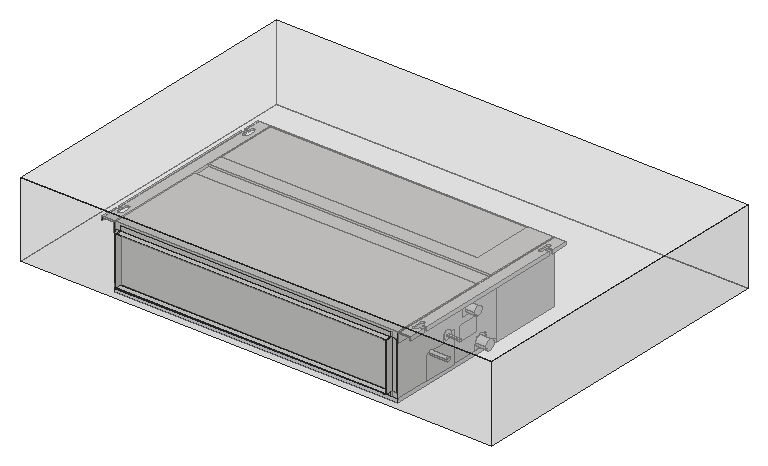
Revit family "outputfile", category 機械設備, Revit 2024
Family settings
  丸型コネクタ寸法 = 半径を使用
  パーツ タイプ = 標準
  OmniClass 番号 = 23.75.10.24.21.27.27
  OmniClass タイトル = Split System Air Conditioning Units
  作業面ベース = いいえ
  常に垂直 = はい
  ロード時にボイドで切り取り = いいえ
  注釈の向きを維持 = いいえ
  共有 = いいえ
  部屋計算ポイント = はい
Parameters (values of type "FXDQ50NDV2S")
  Description = ""
  製造元 = "Daikin"
  書き出し IFC クラス(タイプ) = "IfcUnitaryEquipmentType"
  定義済み IFC タイプ(タイプ) = "AIRCONDITIONINGUNIT"
  Cost = 0
  モデル = "FXDQ50NDV2S"
  Type Comments = ""
  Keynote = ""
  Type Image = (empty or 0)
  Assembly Code = ""
  w_pipe = 33.0 mm
  r_Liquid Pipe Size = Liquid Pipe Size / 2  # 3.2 mm
  r_Gas Pipe Size = Gas Pipe Size / 2  # 6.35 mm
  r_Drain Pipe Size = Drain Pipe Size / 2  # 10.0 mm
  lw_powersupply = 404.0 mm
  lw_ductflange2 = 820.0 mm
  lw_Width = 860.0 mm
  lh_suctionflange [instance] = if(Rear Connection_Return Air, 100.0 mm + [h***], 190.0 mm + [h***])  # 100.0 mm
  lh_SA = 102.5 mm  # constant formula
  ld_suctionflange [instance] = if(Rear Connection_Return Air, 190.0 mm, 100.0 mm)  # 190.0 mm
  ld_powersupply = 60.0 mm
  angle_vertical_RA [instance] = if(Rear Connection_Return Air, 90.00°, 0.00°)  # 90.00°
  angle horizontal_RA [instance] = if(Rear Connection_Return Air, 180.00°, 270.00°)  # 180.00°
  Voltage_comment_50Hz = "220-240"
  Voltage_50Hz = 220 V
  URL = ""
  Supply Air Direction [instance] = yes
  Sound Power Level_H speed (dB) = 58
  Rear Connection_Return Air [instance] = not(Bottom Connection_Return Air)  # yes
  RA_length = 190.0 mm  # constant formula
  Phase_50Hz = 1
  Minimum External Static Pressure = 15.00 Pa
  Minimum Circuit Amps_50Hz = 1.0 A
  Maximum Fuse Amps_50Hz = 16.0 A
  Maximum External Static Pressure = 44.00 Pa
  Material_Casing = DAIKIN_GalvanizedSteel_Casing_indoorunit
  lw_liquidpipe = 46.0 mm  # constant formula
  lw_gaspipe = 57.0 mm  # constant formula
  lw_mountinghole_pitch = 940.0 mm
  lw_mountinghole = 20.0 mm  # constant formula
  lw_drainpipe = 33.0 mm  # constant formula
  lh_powersupply = 10.0 mm
  lh_liquidpipe = 110.0 mm
  lh_gaspipe = 87.0 mm
  lh_mountinghole = Height + [h***]  # 200.0 mm
  lh_drainpipe = 150.0 mm
  lh_antena = 1.0 mm  # constant formula
  ld_liquidpipe = 193.0 mm  # constant formula
  ld_gaspipe = 130.0 mm  # constant formula
  ld_mountinghole_pitch = 0.0 mm  # constant formula
  ld_drainpipe = 280.0 mm
  ld_controlbox = 626.0 mm  # constant formula
  h*** = 0.0 mm  # constant formula
  d_dischargeflange = 21.2 mm  # constant formula
  Width = 900.0 mm
  Version = "ver.1.0"
  Unit Type = "Slim Duct (Standard) Type"
  Unit Mass Weight = 28.00 kg
  Unit Designation [instance] = ""
  Uniclass2015Version = "Products v1.30"
  Uniclass2015Title = "Variable refrigerant flow units"
  Uniclass2015Code = "Pr_70_65_03_94"
  Total Heating Capacity [instance] = 0.000 kW
  Total Cooling Capacity [instance] = 0.000 kW
  Sound Pressure Level_M speed (dBA) = 0
  Sound Pressure Level_L speed (dBA) = 27
  Sound Pressure Level_H speed (dBA) = 33
  Series = "VRV Fan Coil Unit"
  Sensible Cooling Capacity [instance] = 0.000 kW
  SA Duct Size Width = 860.0 mm
  SA Duct Size Height = 153.0 mm
  Refrigerant Type = "R410A"
  RA Duct Size Width = 800.0 mm
  RA Duct Size Height = 180.0 mm
  Power Input (Heating) = 0.152 kW
  Power Input (Cooling) = 0.165 kW
  Option Accessory 3 [instance] = ""
  Option Accessory 2 [instance] = ""
  Option Accessory 1 [instance] = ""
  Nominal Heating Capacity = 6.300 kW
  Nominal Cooling Capacity = 5.600 kW
  Minimum Airflow = 600.00 m³/h
  Median Airflow = 660.00 m³/h
  Maximum Airflow = 750.00 m³/h
  Load Classification = HVAC
  Liquid Pipe Size = 6.4 mm
  Link_Nested Family [instance] = ""
  IfcVersion = "0"
  IfcExportType = "AIRCONDITIONINGUNIT"
  IfcExportAs = "IfcUnitaryEquipmentType"
  Height = 200.0 mm
  Heating Entering Wet Bulb Temperature [instance] = 0.00 °C
  Heating Entering Dry Bulb Temperature [instance] = 0.00 °C
  Heating Ambient Wet Bulb Temperature [instance] = 0.00 °C
  Heating Ambient Dry Bulb Temperature [instance] = 0.00 °C
  Heat Exchanger Type = "Cross Fin Coil"
  Gas Pipe Size = 12.7 mm
  Frequency_50Hz = 50 Hz
  Fan Type = "Sirocco Fan"
  Fan Drive = "Direct Drive"
  FCU Tag No. [instance] = ""
  Drain Pipe Size = 20.0 mm
  Design Supply Airflow [instance] = 0.00 m³/h
  Design Return Airflow [instance] = 0.00 m³/h
  Design External Static Pressure [instance] = 0.00 Pa
  Depth = 620.0 mm
  既定の高さ = 0.0 mm
  Cooling Entering Wet Bulb Temperature [instance] = 0.00 °C
  Cooling Entering Dry Bulb Temperature [instance] = 0.00 °C
  Cooling Ambient Wet Bulb Temperature [instance] = 0.00 °C
  Cooling Ambient Dry Bulb Temperature [instance] = 0.00 °C
  Clearance visibility [instance] = yes
  Clearance Top = 20.0 mm
  Clearance Right = 300.0 mm
  Clearance Rear = 400.0 mm
  Clearance Left = 300.0 mm
  Clearance Front = 0.0 mm
  Clearance Bottom = 20.0 mm
  Bottom Connection_Return Air [instance] = no
Reference planes
  plane 1 "Center (Front/Back)": y = 0
  plane 2: z = 0
  plane 3 "Center (Left/Right)": x = 0
  plane 4 "Back": y = 310
  plane 5 "Front": y = -310
  plane 6 "Left": x = -450
  plane 7 "Right": x = 450
  plane 8 "Top": z = 0
  plane 9 "Bottom": z = -200
  plane 10: x = 330
  plane 11: x = -330
  plane 12: z = -190
  plane 13: z = -6
  plane 14: z = -22
  plane 15: z = -90
  plane 16: z = -113
  plane 17: x = -304
  plane 18: x = 304
  plane 19: x = -470
  plane 20: x = 470
  plane 21: y = 250
  plane 22: y = 250
  plane 23: x = -490
  plane 24: x = 390
  plane 25: x = 496
  plane 26: x = 507
  plane 27: x = 483
  plane 28: z = 0
  plane 29: z = -50
  plane 30 "Clearance Left": x = -750
  plane 31 "Clearance Right": x = 750
  plane 32 "Clearance Rear": y = 710
  plane 33 "Clearance Front": y = -310
  plane 34 "Clearance Top": z = 20
  plane 35 "Clearance Bottom": z = -220
  plane 36: z = -21
  plane 37: z = -170
  plane 38: z = -96.5
  plane 39: x = -40
  plane 40: y = -180
  plane 41: y = -117
  plane 42: y = -30
  plane 43: y = 20
  plane 44: z = -97.5
  plane 45: y = -309
  plane 46: x = -449
  plane 47: z = -100
  plane 48: z = -30
  plane 49: y = 210
  plane 50: z = 301
  plane 51: z = -199
  plane 52: y = 120
  plane 53: z = -101
  plane 54: x = 480
  plane 55: x = 445
  plane 56: x = 455
  plane 57: x = 451
  plane 58: x = 369
  plane 59: x = 449.004
  plane 60: x = -449
  plane 61: x = 404
  plane 62: z = -189
Forms (mm)
  Extrusion 1, solid
    sketch origin (0, 0, 0) x (1, 0, 0) y (0, 0, 1)
      loop
        line (-450, -190) -> (-450, -200) -> (450, -200) -> (450, -190) -> (-450, -190)
    from -84 to 310
  Extrusion 2, solid, material "DAIKIN_GalvanizedSteel_Casing_indoorunit" <- "Material_Casing"
    sketch origin (0, 0, 0) x (1, 0, 0) y (0, 1, 0)
      loop
        line (-450, -309) -> (450, -309) -> (450, 310) -> (-450, 310) -> (-450, -309)
    from -200 to 0
  Extrusion 3, void
    sketch origin (0, 0, 1) x (1, 0, 0) y (0, 1, 0)
      loop
        line (-450, 62.179) -> (-450, 4.179) -> (450, 4.179) -> (450, 62.179) -> (-450, 62.179)
    from -1 to -7
  Extrusion 4, void
    sketch origin (0, 0, 0) x (0, 1, 0) y (0, 0, 1)
      loop
        line (-5, -190) -> (45, -190) -> (45, -170)
        arc (45, -170) -> (20, -145) -> (-5, -170) r 25
        line (-5, -170) -> (-5, -190)
    from 450 to 445
  Revolve 5, solid, material "DAIKIN_GalvanizedSteel_Casing_indoorunit" <- "Material_Casing"
    sketch origin (0, 0, -113) x (0, -1, 0) y (1, 0, 0)
      loop
        line (173.65, 451) -> (180, 451) -> (180, 507) -> (173.65, 507) -> (173.65, 451)
      axis (180, 451) -> (180, 507)
    angle from 0 to 360
  Revolve 6, solid, material "DAIKIN_GalvanizedSteel_Casing_indoorunit" <- "Material_Casing"
    sketch origin (0, 0, -90) x (0, -1, 0) y (1, 0, 0)
      loop
        line (117, 451) -> (117, 496) -> (113.8, 496) -> (113.8, 451) -> (117, 451)
      axis (117, 496) -> (117, 451)
    angle from 0 to 360
  Extrusion 7, solid, material "DAIKIN_GalvanizedSteel_Casing_indoorunit" <- "Material_Casing"
    sketch origin (0, 0, 0) x (0, 1, 0) y (0, 0, 1)
      loop
        circle (-116, -90) r 12.7
    from 450 to 455
  Extrusion 8, solid, material "DAIKIN_GalvanizedSteel_Casing_indoorunit" <- "Material_Casing"
    sketch origin (0, 0, 0) x (0, 1, 0) y (0, 0, 1)
      loop
        circle (20, -170) r 15
    from 480 to 445
  Extrusion 9, solid, material "DAIKIN_GalvanizedSteel_Casing_indoorunit" <- "Material_Casing"
    sketch origin (0, 0, 0) x (0, 1, 0) y (0, 0, 1)
      loop
        line (-52, -30) -> (-52, -70) -> (-11, -70) -> (-11, -30) -> (-52, -30)
    from 450 to 451
  Extrusion 10, solid, material "DAIKIN_GalvanizedSteel_Casing_indoorunit" <- "Material_Casing"
    sketch origin (0, 0, 0) x (0, 1, 0) y (0, 0, 1)
      loop
        circle (-30, -50.064) r 13
    from 450 to 483
  Extrusion 11, solid, material "DAIKIN_GalvanizedSteel_Casing_indoorunit" <- "Material_Casing"
    sketch origin (0, 0, 0) x (0, 1, 0) y (0, 0, 1)
      loop
        line (-63.609, -90) -> (-63.609, -136) -> (0.391, -136) -> (0.391, -90) -> (-63.609, -90)
    from 450 to 451
  Extrusion 12, solid, material "DAIKIN_GalvanizedSteel_Casing_indoorunit" <- "Material_Casing"
    sketch origin (0, 0, 0) x (1, 0, 0) y (0, 0, 1)
      loop
        line (-450, -190) -> (-450, -200) -> (450, -200) -> (450, -190) -> (-450, -190)
    from -84 to 310
  Extrusion 13, solid, material "DAIKIN_GalvanizedSteel_Casing_indoorunit" <- "Material_Casing", visible <- "Bottom Connection_Return Air"
    sketch origin (0, 0, 0) x (1, 0, 0) y (0, 0, 1)
      loop
        line (369, -200) -> (369, -1) -> (-449, -1) -> (-449, -200) -> (369, -200)
    from -310 to -309
  Extrusion 14, void
    sketch origin (0, 0, 0) x (1, 0, 0) y (0, 0, 1)
      loop
        line (369, 0) -> (-449, 0) -> (-449, -1) -> (369, -1) -> (369, 0)
    from -310 to -111
  Extrusion 15, solid, material "DAIKIN_GalvanizedSteel_Casing_indoorunit" <- "Material_Casing", visible <- "Rear Connection_Return Air"
    sketch origin (0, 0, 0) x (1, 0, 0) y (0, 1, 0)
      loop
        line (-449, 310) -> (-449, 111) -> (369, 111) -> (369, 310) -> (-449, 310)
    from -200 to -199
  Extrusion 16, solid, material "DAIKIN_GalvanizedSteel_Casing_indoorunit" <- "Material_Casing"
    sketch origin (0, 0, 0) x (0, 1, 0) y (0, 0, 1)
      loop
        line (-194, -113) -> (-194, -190) -> (-88.3, -190) -> (-88.3, -90) -> (-103.3, -90)
        arc (-103.3, -90) -> (-116, -102.7) -> (-128.7, -90) r 12.7
        line (-128.7, -90) -> (-128.7, -113) -> (-173.65, -113)
        arc (-173.65, -113) -> (-180, -119.35) -> (-186.35, -113) r 6.35
        line (-186.35, -113) -> (-194, -113)
    from 451 to 450
  Extrusion 17, solid, material "DAIKIN_GalvanizedSteel_Casing_indoorunit" <- "Material_Casing"
    sketch origin (0, 0, 0) x (0, 1, 0) y (0, 0, 1)
      loop
        line (84, -199) -> (310, -199) -> (310, -22) -> (91, -22) -> (84, -29) -> (84, -199)
    from 451 to 450
Cuts and joins
  Extrusion 3, Extrusion 4, Extrusion 14 cuts Extrusion 2
  Extrusion 4 cuts Extrusion 1
  Extrusion 14 cuts Extrusion 12
Dimensions and locks
  "lh_powersupply": plane 12 to plane 9 "Bottom"
  locked: plane 8 "Top" to plane 13 at 6
  "Height": plane 8 "Top" to plane 9 "Bottom"
  equal spacing: plane 17, plane 3 "Center (Left/Right)", plane 18, locked at 304 each
  locked: plane 17 to plane 18 at 608
  equal spacing: plane 19, plane 3 "Center (Left/Right)", plane 20
  "lw_mountinghole_pitch": plane 19 to plane 20
  locked: plane 14 to plane 9 "Bottom" at 178
  "lw_mountinghole": plane 23 to plane 19
  "lh_liquidpipe": plane 15 to plane 9 "Bottom"
  "lh_gaspipe": plane 16 to plane 9 "Bottom"
  "lh_mountinghole": plane 28 to plane 9 "Bottom"
  "ld_mountinghole_pitch": plane 22 to plane 21
  equal spacing: plane 6 "Left", plane 3 "Center (Left/Right)", plane 7 "Right"
  "Width": plane 6 "Left" to plane 7 "Right"
  "lh_drainpipe": plane 29 to plane 9 "Bottom"
  "Clearance Right": plane 7 "Right" to plane 31 "Clearance Right"
  "Clearance Left": plane 30 "Clearance Left" to plane 6 "Left"
  "lw_gaspipe": plane 7 "Right" to plane 26
  "lw_liquidpipe": plane 7 "Right" to plane 25
  "lw_drainpipe": plane 7 "Right" to plane 27
  "Clearance Rear": plane 32 "Clearance Rear" to plane 4 "Back"
  "Clearance Front": plane 5 "Front" to plane 33 "Clearance Front"
  "Clearance Top": plane 34 "Clearance Top" to plane 8 "Top"
  "Clearance Bottom": plane 9 "Bottom" to plane 35 "Clearance Bottom"
  "ld_powersupply": plane 4 "Back" to plane 22
  locked: plane 8 "Top" to plane 36 at 21
  locked: plane 8 "Top" to plane 37 at 170
  locked: plane 40 to plane 41 at 63
  locked: plane 38 to plane 9 "Bottom" at 103.5
  locked: plane 36 to plane 44 at 76.5
  "Depth": plane 4 "Back" to plane 5 "Front"
  equal spacing: plane 4 "Back", plane 1 "Center (Front/Back)", plane 5 "Front"
  locked: plane 45 to plane 5 "Front" at 1
  locked: plane 46 to plane 6 "Left" at 1
  Extrusion 13 sketch curve to Extrusion 13 sketch curve = 199.0 mm
  nested 11 to plane 39 = 400.0 mm
  locked: plane 12 to plane 47 at 90
  plane 32 "Clearance Rear" to Extrusion 13 = 401.0 mm
  locked: plane 48 to plane 35 "Clearance Bottom" at 190
  plane 49 to nested 12 = 90.0 mm
  plane 50 to plane 28 = 301.0 mm
  locked: plane 51 to plane 9 "Bottom" at 1
  "ld_suctionflange": plane 4 "Back" to plane 52
  locked: plane 53 to plane 9 "Bottom" at 99
  locked: plane 7 "Right" to plane 54 at 30
  locked: plane 55 to plane 7 "Right" at 5
  locked: plane 7 "Right" to plane 56 at 5
  locked: plane 7 "Right" to plane 57 at 1
  plane 7 "Right" to plane 58 = 81.0 mm
  locked: plane 7 "Right" to plane 59 at 0.996
  locked: plane 60 to plane 6 "Left" at 1
  "lw_powersupply": plane 3 "Center (Left/Right)" to plane 61
  "r_Gas Pipe Size": nested 6 to Revolve 5 sketch curve
  "r_Liquid Pipe Size": nested 5 to Revolve 6 sketch curve
  locked: plane 62 to plane 9 "Bottom" at 11
  aligned and locked: level to plane 2
  aligned and locked: Extrusion 2 to plane 9 "Bottom"
  aligned and locked: plane 8 "Top" to Extrusion 2
  aligned and locked: Revolve 5 sketch curve to Revolve 5 sketch curve
  aligned and locked: plane 15 to Extrusion 7 sketch curve
  aligned and locked: cut or joined group of Extrusion 1, Extrusion 4 to plane 9 "Bottom"
  aligned and locked: plane 27 to Extrusion 10
  aligned and locked: plane 25 to nested 5
  aligned and locked: nested 5 to plane 15
  aligned and locked: nested 1 to plane 22
  aligned and locked: plane 20 to nested 2
  aligned and locked: plane 19 to nested 3
  aligned and locked: plane 22 to nested 4
  aligned and locked: nested 4 to plane 22
  aligned and locked: plane 19 to nested 4
  aligned and locked: nested 7 to plane 29
  aligned and locked: Extrusion 10 to nested 7
  aligned and locked: plane 27 to nested 7
  aligned and locked: nested 10 to plane 12
  aligned and locked: Extrusion 12 to plane 5 "Front"
  aligned and locked: Extrusion 12 to plane 9 "Bottom"
  aligned and locked: nested 6 to plane 16
  aligned and locked: plane 40 to nested 6
  aligned and locked: plane 41 to nested 5
  aligned and locked: plane 42 to nested 7
  aligned and locked: Extrusion 8 sketch curve to plane 43
  aligned and locked: plane 4 "Back" to Extrusion 14
  aligned and locked: Extrusion 15 to nested 12
  aligned and locked: plane 8 "Top" to Extrusion 3
  aligned and locked: Extrusion 13 to cut or joined group of Extrusion 2, Extrusion 3, Extrusion 4, Extrusion 14
  aligned and locked: plane 9 "Bottom" to Extrusion 15  (x2)
  aligned and locked: Extrusion 15 to plane 51
  aligned and locked: plane 4 "Back" to nested 11
  aligned and locked: Extrusion 14 to level
  aligned and locked: plane 32 "Clearance Rear" to nested 13
  aligned and locked: plane 31 "Clearance Right" to nested 13
  aligned and locked: plane 30 "Clearance Left" to nested 13
  aligned and locked: nested 13 to plane 33 "Clearance Front"
  aligned and locked: nested 13 to plane 34 "Clearance Top"
  aligned and locked: nested 13 to plane 35 "Clearance Bottom"
  aligned and locked: plane 7 "Right" to Extrusion 16  (x2)
  aligned and locked: plane 4 "Back" to Extrusion 17
  aligned and locked: Extrusion 17 to plane 51
  aligned and locked: plane 7 "Right" to Extrusion 17  (x2)
  aligned and locked: Extrusion 16 to Revolve 5 sketch curve
  aligned and locked: Extrusion 3 to plane 13
  aligned and locked: plane 52 to nested 14
  aligned and locked: nested 12 to Extrusion 14
  aligned and locked: Extrusion 11 to plane 7 "Right"
  aligned and locked: Extrusion 7 to plane 7 "Right"
  aligned and locked: plane 7 "Right" to cut or joined group of Extrusion 2, Extrusion 3, Extrusion 4, Extrusion 14  (x2)
  aligned and locked: cut or joined group of Extrusion 2, Extrusion 3, Extrusion 4, Extrusion 14 to plane 55
  aligned and locked: Extrusion 8 to plane 55
  aligned and locked: plane 54 to Extrusion 8
  aligned and locked: plane 56 to Extrusion 7
  aligned and locked: plane 57 to Extrusion 17
  aligned and locked: Extrusion 16 to plane 57
  aligned and locked: Extrusion 11 to plane 57
  aligned and locked: plane 26 to nested 6
  aligned and locked: Extrusion 9 to plane 57
  aligned and locked: Extrusion 9 to plane 7 "Right"
  aligned and locked: Extrusion 10 to plane 7 "Right"
  aligned and locked: plane 58 to Extrusion 14 sketch curve
  aligned and locked: Extrusion 13 sketch curve to plane 58
  aligned and locked: plane 3 "Center (Left/Right)" to nested 15
  aligned and locked: Extrusion 15 to plane 58
  aligned and locked: plane 6 "Left" to nested 11
  aligned and locked: plane 8 "Top" to nested 15
  aligned and locked: plane 4 "Back" to nested 15
  aligned and locked: cut or joined group of Extrusion 2, Extrusion 3, Extrusion 4, Extrusion 14 to plane 45
  aligned and locked: nested 10 to plane 61
  aligned and locked: plane 20 to nested 1
  aligned and locked: nested 12 to plane 58
  aligned and locked: nested 9 to plane 1 "Center (Front/Back)"
  aligned and locked: plane 3 "Center (Left/Right)" to nested 9
  aligned and locked: plane 51 to nested 12
  aligned and locked: nested 11 to plane 51
  aligned and locked: nested 16 to plane 62
  aligned and locked: plane 13 to nested 16
  aligned and locked: plane 45 to nested 16
  aligned and locked: level to plane 8 "Top"
Automatic sketch dimensions
  Extrusion 1 sketch curve to plane 6 "Left" = 0.0 mm
  Extrusion 1 sketch curve to plane 7 "Right" = 0.0 mm
  Extrusion 1 sketch curve to plane 9 "Bottom" = 0.0 mm
  Extrusion 1 sketch curve to plane 12 = 0.0 mm
  Extrusion 2 sketch curve to plane 4 "Back" = 0.0 mm
  Extrusion 2 sketch curve to plane 6 "Left" = 0.0 mm
  Extrusion 2 sketch curve to plane 7 "Right" = 0.0 mm
  Extrusion 2 sketch curve to plane 45 = 0.0 mm
  Extrusion 3 sketch curve to plane 6 "Left" = 0.0 mm
  Extrusion 3 sketch curve to plane 7 "Right" = 0.0 mm
  Extrusion 3 sketch curve to plane 1 "Center (Front/Back)" = 4.179 mm
  plane 43 to Extrusion 3 sketch curve = 42.179 mm
  Extrusion 4 sketch curve to plane 37 = 0.0 mm
  Extrusion 4 sketch curve to plane 12 = 0.0 mm
  Extrusion 4 sketch curve to plane 43 = 0.0 mm
  plane 1 "Center (Front/Back)" to Extrusion 4 sketch curve = 5.0 mm
  plane 41 to Extrusion 7 sketch curve = 1.0 mm
  Extrusion 8 sketch curve to plane 37 = 0.0 mm
  Extrusion 9 sketch curve to plane 42 = 22.0 mm
  plane 1 "Center (Front/Back)" to Extrusion 9 sketch curve = 11.0 mm
  plane 15 to Extrusion 9 sketch curve = 20.0 mm
  Extrusion 9 sketch curve to plane 14 = 8.0 mm
  Extrusion 10 sketch curve to plane 42 = 0.0 mm
  Extrusion 10 sketch curve to plane 29 = 0.064 mm
  plane 15 to Extrusion 11 sketch curve = 0.0 mm
  Extrusion 11 sketch curve to plane 42 = 33.609 mm
  Extrusion 11 sketch curve to plane 1 "Center (Front/Back)" = 0.391 mm
  Extrusion 11 sketch curve to plane 16 = 23.0 mm
  Extrusion 12 sketch curve to plane 6 "Left" = 0.0 mm
  Extrusion 12 sketch curve to plane 7 "Right" = 0.0 mm
  Extrusion 12 sketch curve to plane 9 "Bottom" = 0.0 mm
  Extrusion 12 sketch curve to plane 12 = 0.0 mm
  plane 46 to Extrusion 13 sketch curve = 0.0 mm
  plane 46 to Extrusion 14 sketch curve = 0.0 mm
  Extrusion 14 sketch curve to plane 8 "Top" = 1.0 mm
  Extrusion 15 sketch curve to plane 46 = 0.0 mm
  Extrusion 15 sketch curve to plane 4 "Back" = 0.0 mm
  plane 18 to Extrusion 15 sketch curve = 65.0 mm
  plane 43 to Extrusion 15 sketch curve = 91.0 mm
  plane 35 "Clearance Bottom" to Extrusion 14 sketch curve = 220.0 mm
  Extrusion 13 sketch curve to plane 51 = 1.0 mm
  Extrusion 16 sketch curve to plane 12 = 0.0 mm
  Extrusion 16 sketch curve to plane 16 = 0.0 mm
  Extrusion 16 sketch curve to plane 40 = 0.0 mm
  Extrusion 16 sketch curve to plane 15 = 0.0 mm
  Extrusion 16 sketch curve to Extrusion 16 sketch curve = 6.35 mm
  Extrusion 16 sketch curve to Extrusion 16 sketch curve = 7.65 mm
  Extrusion 16 sketch curve to plane 41 = 11.7 mm
  plane 41 to Extrusion 16 sketch curve = 1.0 mm
  Extrusion 16 sketch curve to Extrusion 16 sketch curve = 27.7 mm
  Extrusion 17 sketch curve to plane 51 = 0.0 mm
  Extrusion 17 sketch curve to plane 14 = 0.0 mm
  plane 48 to Extrusion 17 sketch curve = 1.0 mm
  plane 43 to Extrusion 17 sketch curve = 64.0 mm
  Extrusion 17 sketch curve to Extrusion 17 sketch curve = 7.0 mm
  Extrusion 17 sketch curve to plane 4 "Back" = 0.0 mm
  Revolve 5 sketch curve to plane 26 = 0.0 mm
  Revolve 5 sketch curve to plane 40 = 0.0 mm
  Revolve 5 sketch curve to Revolve 5 sketch curve = 1.003 mm
  plane 26 to Revolve 5 sketch curve = 1.003 mm
  Revolve 6 sketch curve to plane 41 = 0.0 mm  (x2)
  Revolve 6 sketch curve to plane 25 = 0.0 mm  (x2)
  Revolve 6 sketch curve to plane 57 = 0.0 mm  (x2)
  radius of Extrusion 7 sketch curve = 12.7 mm
  radius of Extrusion 8 sketch curve = 15.0 mm
  radius of Extrusion 10 sketch curve = 13.0 mm
Nested families
  nested 1: "daikin_mountinghole" at (470, 250, -200), l_antenna <- "lh_antena", Link_Nested Family <- "Link_Nested Family", h_mountinghole <- "lh_mountinghole", type "daikin_mountinghole"
    with show yes, l_antenna 1.0 mm, h_mountinghole 200.0 mm, Link_Nested Family ""
  nested 2: "daikin_mountinghole" at (470, -250, -200), Link_Nested Family <- "Link_Nested Family", l_antenna <- "lh_antena", h_mountinghole <- "lh_mountinghole", type "daikin_mountinghole"
    with show yes, l_antenna 1.0 mm, h_mountinghole 200.0 mm, Link_Nested Family ""
  nested 3: "daikin_mountinghole" at (-470, -250, -200), l_antenna <- "lh_antena", Link_Nested Family <- "Link_Nested Family", h_mountinghole <- "lh_mountinghole", type "daikin_mountinghole"
    with show yes, l_antenna 1.0 mm, h_mountinghole 200.0 mm, Link_Nested Family ""
  nested 4: "daikin_mountinghole" at (-470, 250, -200), l_antenna <- "lh_antena", Link_Nested Family <- "Link_Nested Family", h_mountinghole <- "lh_mountinghole", type "daikin_mountinghole"
    with show yes, l_antenna 1.0 mm, h_mountinghole 200.0 mm, Link_Nested Family ""
  nested 5: "daikin_connector_rotate2" at (450, -117, -90) x (0, 1, 0) z (0, 0, 1), length <- "lw_liquidpipe", built-in parameter 1001364 <- "lh_liquidpipe", radius <- "r_Liquid Pipe Size", type "daikin_connector_rotate2"
    with radius 3.2 mm, length 46.0 mm, angle_vertical 90.00°
  nested 6: "daikin_connector_rotate2" at (450, -180, -113) x (0, 1, 0) z (0, 0, 1), length <- "lw_gaspipe", built-in parameter 1001364 <- "lh_gaspipe", radius <- "r_Gas Pipe Size", type "daikin_connector_rotate2"
    with radius 6.35 mm, length 57.0 mm, angle_vertical 90.00°
  nested 7: "daikin_connector_rotate2" at (450, -30, -50) x (0, 1, 0) z (0, 0, 1), built-in parameter 1001364 <- "lh_drainpipe", length <- "lw_drainpipe", radius <- "r_Drain Pipe Size", type "daikin_connector_rotate2"
    with radius 10.0 mm, length 33.0 mm, angle_vertical 90.00°
  nested 8: "daikin_connector_rotate2" at (0, -309, -97.5), length <- "d_dischargeflange", built-in parameter 1001364 <- "lh_SA", type "daikin_connector_rotate2"
    with radius 10.0 mm, length 21.2 mm, angle_vertical 90.00°
  nested 9: "daikin_△_symbolicline" at (-75, -129.904, 200) x (-0.5, 0.866, 0) z (0, 0, 1), built-in parameter 1001364 <- "Height", visible <- "Supply Air Direction", type "daikin_△_symbolicline"
    with length 300.0 mm
  nested 10: "daikin_connector_rotate2" at (404, 250, -190) x (-1, 0, 0) z (0, 0, 1), built-in parameter 1001364 <- "lw_powersupply", length <- "ld_powersupply", type "daikin_connector_rotate2"
    with radius 10.0 mm, length 60.0 mm, angle_vertical 90.00°
  nested 11: "daikin_ductflange_FXDQ-NDV2S2" at (-40, 310, -100), visible <- "Rear Connection_Return Air", material <- "Material_Casing", width <- "lw_ductflange2", type "daikin_ductflange_FXDQ-NDV2S2"
    with width 820.0 mm, material DAIKIN_GalvanizedSteel_Casing_indoorunit, height 180.0 mm, depth 21.2 mm
  nested 12: "daikin_ductflange_FXDQ-NDV2S2" at (-40, 210, -200) x (1, 0, 0) z (0, 1, 0), visible <- "Bottom Connection_Return Air", material <- "Material_Casing", width <- "lw_ductflange2", type "daikin_ductflange_FXDQ-NDV2S2"
    with width 820.0 mm, material DAIKIN_GalvanizedSteel_Casing_indoorunit, height 180.0 mm, depth 21.2 mm
  nested 13: "daikin_clearancespace" at (0, 200, -99.881), visible <- "Clearance visibility", show <- "Clearance visibility", Link_Nested Family <- "Link_Nested Family", type "daikin_clearancespace"
    with width 1500.0 mm, show yes, height 240.0 mm, depth 1020.0 mm, Link_Nested Family ""
  nested 14: "daikin_connector_rotate3" at (-40, 120, -100), built-in parameter 1001364 <- "lh_suctionflange", angle_vertical <- "angle_vertical_RA", angle_horizontal <- "angle horizontal_RA", length <- "RA_length", type "daikin_connector_rotate3"
    with show no, radius 10.0 mm, length 190.0 mm, angle_vertical 90.00°, angle_horizontal 180.00°
  nested 15: "daikin_hangerfixture_FXDQ-NDV2S" at (0, 0.5, 0), type "daikin_hangerfixture_FXDQ-NDV2S"
  nested 16: "daikin_ductflange_FXDQ-NDV2S" at (0, 4.5, -364.201), material <- "Material_Casing", width <- "lw_Width", type "daikin_ductflange_FXDQ-NDV2S"
    with width 860.0 mm, material DAIKIN_GalvanizedSteel_Casing_indoorunit, height 155.0 mm, depth 21.2 mm
Connectors
  piping at (507, -180, -113), diameter 12.7, driven by "r_Gas Pipe Size"
    settings: on nested 6, index 1, connector inside diameter 609.6 mm, connector length 0.0 mm, flow factor 0, pipe flow 0.00 m³/h, pressure drop 0.0 Pa, fitting loss kfactor 0, connector angle 0.00°, fixture units 0, engagement length 0.0 mm, angle of deflection 0.00°, flow configuration 1, flow direction 2, fitting loss method 0, system type 29, joint type 0, gender type 0, connector reference index -1, connector utility 0, adjustable connector no, is connector primary yes, connector description "Refrigerant Gas Piping"
  piping at (496, -117, -90), diameter 6.4, driven by "r_Liquid Pipe Size"
    settings: on nested 5, index 2, connector inside diameter 609.6 mm, connector length 0.0 mm, flow factor 0, pipe flow 0.00 m³/h, pressure drop 0.0 Pa, fitting loss kfactor 0, connector angle 0.00°, fixture units 0, engagement length 0.0 mm, angle of deflection 0.00°, flow configuration 1, flow direction 1, fitting loss method 0, system type 29, joint type 0, gender type 0, connector reference index -1, connector utility 0, adjustable connector no, is connector primary no, connector description "Refrigerant Liquid Piping"
  piping at (483, -30, -50), diameter 20, driven by "r_Drain Pipe Size"
    settings: on nested 7, index 3, connector inside diameter 609.6 mm, connector length 0.0 mm, flow factor 0, pipe flow 0.00 m³/h, pressure drop 0.0 Pa, fitting loss kfactor 0, connector angle 0.00°, fixture units 0, engagement length 0.0 mm, angle of deflection 0.00°, flow configuration 1, flow direction 2, fitting loss method 4, system type 16, joint type 0, gender type 0, connector reference index -1, connector utility 0, adjustable connector no, is connector primary no, connector description "Condensate Drain Piping"
  hvac at (0, -330.2, -97.5), driven by "SA Duct Size Height", driven by "SA Duct Size Width"
    settings: on nested 8, index 7, duct flow 0.00 m³/h, flow factor 0, pres drop 0.00 Pa, loss coef 0, conn angle 0.00°, conn width 860.0 mm, conn height 153.0 mm, conn diameter 609.6 mm, duct sys type 1, conn prof type 1, flow config 0, flow direction 2, loss method 4, conn ref index -1, conn util no, is conn primary yes, conn desc "SA Duct"
  electrical at (404, 310, -190), driven by "Load Classification"
    settings: on nested 10, index 9, voltage 0 V, apparent load 0 VA, apparent load phase1 0 VA, apparent load phase2 0 VA, apparent load phase3 0 VA, power factor 1, load classification "HVAC", number of poles 1, system type 30, power factor state 1, is connector primary yes, connector utility no, sub classification motor no, connector description "Power Supply"
  hvac at (-40, 310, -100), driven by "RA Duct Size Height", driven by "RA Duct Size Width"
    settings: on nested 14, index 10, duct flow 0.00 m³/h, flow factor 0, pres drop 0.00 Pa, loss coef 0, conn angle 0.00°, conn width 800.0 mm, conn height 180.0 mm, conn diameter 609.6 mm, duct sys type 2, conn prof type 1, flow config 0, flow direction 1, loss method 4, conn ref index -1, conn util no, is conn primary no, conn desc "RA Duct"
Definition of nested family "daikin_ductflange_FXDQ-NDV2S2"
  Parameters (values of type "daikin_ductflange_FXDQ-PDVE2")
    width [instance] = 620.0 mm
    material [instance] = none
    height [instance] = 180.0 mm
    depth [instance] = 21.2 mm
    Default Elevation = 0.0 mm
  Reference planes
    plane 1 "Center (Front/Back)": y = 0
    plane 2: z = 0
    plane 3 "Center (Left/Right)": x = 0
    plane 4: y = -313.5
    plane 5: y = -334.7
    plane 6: x = -310
    plane 7: x = 310
    plane 8: z = 90
    plane 9: z = -90
    plane 10: z = 100
    plane 11: z = -100
    plane 12: x = -309
    plane 13: x = 309
  Forms (mm)
    Extrusion 1, solid, material <- "material"
      sketch origin (0, 0, 0) x (1, 0, 0) y (0, 0, 1)
        loop
          line (-300, 90) -> (-300, -90) -> (300, -90) -> (300, 90) -> (-300, 90)
        loop
          line (-309, -99) -> (309, -99) -> (309, 99) -> (-309, 99) -> (-309, -99)
      from 0 to 1
  Dimensions and locks
    plane 4 to plane 1 "Center (Front/Back)" = 313.5 mm
    "depth": plane 5 to plane 4
    equal spacing: plane 7, plane 3 "Center (Left/Right)", plane 6, locked at 310 each
    "width": plane 7 to plane 6
    equal spacing: plane 8, level, plane 9, locked at 90 each
    "height": plane 8 to plane 9
    equal spacing: plane 10, level, plane 11, locked at 100 each
    locked: plane 10 to plane 11 at 200
    plane 12 to plane 6 = 1.0 mm
    locked: plane 7 to plane 13 at 1
    locked: Extrusion 1 sketch curve to Extrusion 1 sketch curve at 9  (x4)
    locked: plane 10 to Extrusion 1 sketch curve at 1
    locked: Extrusion 1 sketch curve to plane 11 at 1
    aligned and locked: level to plane 2
  Automatic sketch dimensions
    plane 6 to Extrusion 1 sketch curve = 1.0 mm
    Extrusion 1 sketch curve to plane 7 = 1.0 mm
Definition of nested family "daikin_clearancespace"
  Parameters (values of type "daikin_clearancespace")
    width [instance] = 1823.963 mm
    show [instance] = yes
    material = none
    height [instance] = 1359.762 mm
    depth [instance] = 880.0 mm
    Default Elevation = 0.0 mm
    Link_Nested Family [instance] = ""
  Reference planes
    plane 1 "Center (Front/Back)": y = 0
    plane 2 "Center (Elevation)": z = -0.119
    plane 3 "Center (Left/Right)": x = 0
    plane 4: y = 440
    plane 5: y = -440
    plane 6 "Right": x = 911.982
    plane 7 "Left": x = -911.982
    plane 8 "Top": z = 679.762
    plane 9 "Bottom": z = -680
  Forms (mm)
    Extrusion 1, solid, material <- "material", visible <- "show"
      sketch origin (0, 0, 0) x (1, 0, 0) y (0, 1, 0)
        loop
          line (-911.982, 440) -> (-911.982, -440) -> (911.982, -440) -> (911.982, 440) -> (-911.982, 440)
      from -680 to 679.762
  Lines and regions (mm)
    symbolic lines, visible <- "show"
      curve 1: line (911.982, 440, 0) -> (-911.982, 440, 0)
      curve 2: line (-911.982, 440, 0) -> (-911.982, -440, 0)
      curve 3: line (-911.982, -440, 0) -> (911.982, -440, 0)
      curve 4: line (911.982, -440, 0) -> (911.982, 440, 0)
      curve 5: line (911.982, 0, 679.762) -> (-911.982, 0, 679.762)
      curve 6: line (911.982, 0, -680) -> (911.982, 0, 679.762)
      curve 7: line (-911.982, 0, -680) -> (911.982, 0, -680)
      curve 8: line (-911.982, 0, 679.762) -> (-911.982, 0, -680)
      curve 9: line (0, 440, 679.762) -> (0, -440, 679.762)
      curve 10: line (0, -440, 679.762) -> (0, -440, -680)
      curve 11: line (0, 440, -680) -> (0, 440, 679.762)
      curve 12: line (0, -440, -680) -> (0, 440, -680)
  Dimensions and locks
    "width": plane 7 "Left" to plane 6 "Right"
    "depth": plane 4 to plane 5
    "height": plane 8 "Top" to plane 9 "Bottom"
    equal spacing: plane 7 "Left", plane 3 "Center (Left/Right)", plane 6 "Right"
    equal spacing: plane 4, plane 1 "Center (Front/Back)", plane 5
    equal spacing: plane 8 "Top", plane 2 "Center (Elevation)", plane 9 "Bottom"
    aligned and locked: level to plane 2 "Center (Elevation)"
    aligned and locked: Extrusion 1 sketch curve to plane 4
    aligned and locked: plane 7 "Left" to Extrusion 1 sketch curve
    aligned and locked: Extrusion 1 sketch curve to plane 5
    aligned and locked: Extrusion 1 sketch curve to plane 6 "Right"
    aligned and locked: plane 8 "Top" to Extrusion 1
    aligned and locked: curve 1 to Extrusion 1
    aligned and locked: curve 2 to Extrusion 1
    aligned and locked: curve 3 to Extrusion 1
    aligned and locked: curve 4 to Extrusion 1
    aligned and locked: curve 5 to Extrusion 1
    aligned and locked: curve 6 to Extrusion 1
    aligned and locked: curve 7 to Extrusion 1
    aligned and locked: curve 8 to Extrusion 1
    aligned and locked: curve 9 to Extrusion 1
    aligned and locked: curve 10 to Extrusion 1
    aligned and locked: curve 11 to Extrusion 1
    aligned and locked: curve 12 to Extrusion 1
    aligned and locked: Extrusion 1 to plane 9 "Bottom"
Definition of nested family "daikin_hangerfixture_FXDQ-NDV2S"
  Parameters (values of type "daikin_hangerfixture_FXDQ-PDVE")
    width = 900.0 mm
    material = none
    height = 30.0 mm
    depth = 619.0 mm
    Default Elevation = 0.0 mm
  Reference planes
    plane 1 "Center (Front/Back)": y = 0
    plane 2: z = 0
    plane 3 "Center (Left/Right)": x = 0
    plane 4: x = 450
    plane 5: y = 309.5
    plane 6: y = -309.5
    plane 7: x = -450
    plane 8: z = -30
  Forms (mm)
    Extrusion 1, solid, material <- "material"
      sketch origin (0, 0, 0) x (1, 0, 0) y (0, 0, 1)
        loop
          line (450, 0) -> (450, -30) -> (452.3, -30) -> (452.3, -2.3) -> (487.7, -2.3) -> (487.7, -10) -> (490, -10) -> (490, 0) -> (450, 0)
      from -309.5 to 309.5
    Extrusion 2, void
      sketch origin (0, 0, 0) x (0, 1, 0) y (0, 0, 1)
        loop
          line (309.5, -30) -> (309.5, -17.979) -> (87.935, -17.979) -> (75.914, -30) -> (309.5, -30)
      from 0 to 550
    Extrusion 3, void
      sketch origin (0, 0, 0) x (1, 0, 0) y (0, 1, 0)
        loop
          line (490, -244) -> (477, -244) -> (477, -237.5)
          arc (477, -237.5) -> (470, -230.5) -> (463, -237.5) r 7
          line (463, -237.5) -> (463, -263.5)
          arc (463, -263.5) -> (470, -270.5) -> (477, -263.5) r 7
          line (477, -263.5) -> (477, -257) -> (490, -257) -> (490, -244)
        loop
          line (490, 243) -> (490, 256) -> (477, 256) -> (477, 262.5)
          arc (477, 262.5) -> (470, 269.5) -> (463, 262.5) r 7
          line (463, 262.5) -> (463, 236.5)
          arc (463, 236.5) -> (470, 229.5) -> (477, 236.5) r 7
          line (477, 236.5) -> (477, 243) -> (490, 243)
      from -254.96 to 618
    Extrusion 4, solid, material <- "material"
      sketch origin (0, 0, 0) x (-1, 0, 0) y (0, 0, -1)
        loop
          line (450, 0) -> (490, 0) -> (490, 10) -> (487.7, 10) -> (487.7, 2.3) -> (452.3, 2.3) -> (452.3, 30) -> (450, 30) -> (450, 0)
      from -309.5 to 309.5
    Extrusion 5, void
      sketch origin (0, 0, 0) x (-1, 0, 0) y (0, -1, 0)
        loop
          line (490, 244) -> (490, 257) -> (477, 257) -> (477, 263.5)
          arc (477, 263.5) -> (470, 270.5) -> (463, 263.5) r 7
          line (463, 263.5) -> (463, 237.5)
          arc (463, 237.5) -> (470, 230.5) -> (477, 237.5) r 7
          line (477, 237.5) -> (477, 244) -> (490, 244)
        loop
          line (490, -243) -> (477, -243) -> (477, -236.5)
          arc (477, -236.5) -> (470, -229.5) -> (463, -236.5) r 7
          line (463, -236.5) -> (463, -262.5)
          arc (463, -262.5) -> (470, -269.5) -> (477, -262.5) r 7
          line (477, -262.5) -> (477, -256) -> (490, -256) -> (490, -243)
      from -254.96 to 618
  Cuts and joins
    Extrusion 2, Extrusion 3, Extrusion 5 cuts Extrusion 1
    Extrusion 5 cuts Extrusion 4
  Dimensions and locks
    equal spacing: plane 5, plane 1 "Center (Front/Back)", plane 6
    "depth": plane 5 to plane 6
    plane 6 to plane 1 "Center (Front/Back)" to plane 5 = 309.5 mm, 309.5 mm
    equal spacing: plane 4, plane 3 "Center (Left/Right)", plane 7
    "width": plane 4 to plane 7
    "height": level to plane 8
    locked: plane 4 to Extrusion 2 at 100
    aligned and locked: level to plane 2
    aligned and locked: plane 5 to Extrusion 1
    aligned and locked: Extrusion 1 to plane 6
    aligned and locked: Extrusion 1 to plane 4
    aligned and locked: plane 5 to cut or joined group of Extrusion 1, Extrusion 2, Extrusion 3, Extrusion 5
    aligned and locked: cut or joined group of Extrusion 1, Extrusion 2, Extrusion 3, Extrusion 5 to plane 6
    aligned and locked: level to cut or joined group of Extrusion 1, Extrusion 2, Extrusion 3, Extrusion 5
    aligned and locked: cut or joined group of Extrusion 1, Extrusion 2, Extrusion 3, Extrusion 5 to plane 8
    aligned and locked: plane 5 to cut or joined group of Extrusion 4, Extrusion 5
    aligned and locked: cut or joined group of Extrusion 4, Extrusion 5 to plane 6
  Automatic sketch dimensions
    Extrusion 1 sketch curve to plane 4 = 0.0 mm
    Extrusion 1 sketch curve to plane 8 = 0.0 mm
    Extrusion 1 sketch curve to level = 0.0 mm
    plane 4 to Extrusion 1 sketch curve = 2.3 mm
    Extrusion 1 sketch curve to level = 2.3 mm
    Extrusion 1 sketch curve to Extrusion 1 sketch curve = 35.4 mm
    Extrusion 1 sketch curve to Extrusion 1 sketch curve = 2.3 mm
    Extrusion 1 sketch curve to Extrusion 1 sketch curve = 7.7 mm
    Extrusion 2 sketch curve to plane 8 = 0.0 mm
    Extrusion 2 sketch curve to plane 5 = 0.0 mm
    plane 8 to Extrusion 2 sketch curve = 12.021 mm
    Extrusion 2 sketch curve to plane 1 "Center (Front/Back)" = 87.935 mm
    Extrusion 2 sketch curve to Extrusion 2 sketch curve = 12.021 mm
    plane 4 to Extrusion 3 sketch curve = 13.0 mm  (x2)
    Extrusion 3 sketch curve to Extrusion 3 sketch curve = 7.0 mm  (x4)
    Extrusion 3 sketch curve to Extrusion 3 sketch curve = 13.0 mm  (x4)
    plane 6 to Extrusion 3 sketch curve = 46.0 mm
    Extrusion 3 sketch curve to Extrusion 3 sketch curve = 6.5 mm  (x4)
    Extrusion 3 sketch curve to plane 5 = 73.0 mm
    Extrusion 4 sketch curve to plane 7 = 0.0 mm
    Extrusion 4 sketch curve to plane 8 = 0.0 mm
    Extrusion 4 sketch curve to level = 0.0 mm
    Extrusion 4 sketch curve to plane 7 = 2.3 mm
    Extrusion 4 sketch curve to level = 2.3 mm
    Extrusion 4 sketch curve to Extrusion 4 sketch curve = 35.4 mm
    Extrusion 4 sketch curve to Extrusion 4 sketch curve = 2.3 mm
    Extrusion 4 sketch curve to Extrusion 4 sketch curve = 7.7 mm
    Extrusion 5 sketch curve to plane 7 = 13.0 mm  (x2)
    Extrusion 5 sketch curve to Extrusion 5 sketch curve = 7.0 mm  (x4)
    Extrusion 5 sketch curve to Extrusion 5 sketch curve = 13.0 mm  (x4)
    Extrusion 5 sketch curve to plane 5 = 47.0 mm
    Extrusion 5 sketch curve to Extrusion 5 sketch curve = 6.5 mm  (x4)
    plane 6 to Extrusion 5 sketch curve = 72.0 mm
Definition of nested family "daikin_ductflange_FXDQ-NDV2S"
  Parameters (values of type "daikin_ductflange_FXDQ-NDVE")
    width [instance] = 860.0 mm
    material [instance] = none
    height [instance] = 155.0 mm
    depth [instance] = 21.2 mm
    Default Elevation = 0.0 mm
  Reference planes
    plane 1 "Center (Front/Back)": y = 0
    plane 2: z = 189.201
    plane 3 "Center (Left/Right)": x = 0
    plane 4: y = -313.5
    plane 5: x = -430
    plane 6: x = 430
    plane 7: y = -334.7
    plane 8: z = 344.201
    plane 9: z = 266.701
    plane 10: z = 343.201
    plane 11: z = 190.201
  Forms (mm)
    Extrusion 1, solid, material <- "material"
      sketch origin (0, 0, 189.201) x (1, 0, 0) y (0, 1, 0)
        loop
          line (-430, -334.7) -> (-430, -313.5) -> (-448, -313.5) -> (-448, -314.5) -> (-431, -314.5) -> (-431, -334.7) -> (-430, -334.7)
        loop
          line (430, -334.7) -> (431, -334.7) -> (431, -314.5) -> (448, -314.5) -> (448, -313.5) -> (430, -313.5) -> (430, -334.7)
      from 1 to 154
    Extrusion 2, solid, material <- "material"
      sketch origin (0, 0, 0) x (0, 1, 0) y (0, 0, 1)
        loop
          line (-313.5, 343.201) -> (-313.5, 358.201) -> (-314.5, 358.201) -> (-314.5, 344.201) -> (-334.7, 344.201) -> (-334.7, 343.201) -> (-313.5, 343.201)
        loop
          line (-313.5, 190.201) -> (-334.7, 190.201) -> (-334.7, 189.201) -> (-314.5, 189.201) -> (-314.5, 175.201) -> (-313.5, 175.201) -> (-313.5, 190.201)
      from -430 to 430
  Dimensions and locks
    plane 4 to plane 1 "Center (Front/Back)" = 313.5 mm
    "depth": plane 7 to plane 4
    equal spacing: plane 8, plane 9, level
    "height": plane 8 to level
    equal spacing: plane 6, plane 3 "Center (Left/Right)", plane 5
    "width": plane 6 to plane 5
    plane 5 to plane 6 = 860.0 mm
    locked: plane 8 to plane 10 at 1
    locked: plane 11 to level at 1
    locked: Extrusion 1 to Extrusion 2 sketch curve at 1
    locked: Extrusion 2 sketch curve to Extrusion 1 at 1
    locked: Extrusion 1 sketch curve to Extrusion 1 sketch curve at 1
    locked: Extrusion 1 sketch curve to plane 5 at 18
    locked: Extrusion 1 to plane 5 at 18
    locked: plane 6 to Extrusion 1 at 18
    locked: plane 5 to Extrusion 1 at 18
    locked: Extrusion 1 to plane 6 at 18
    aligned and locked: level to plane 2
    aligned and locked: Extrusion 2 to plane 5
    aligned and locked: Extrusion 2 to plane 11
    aligned and locked: Extrusion 2 to plane 10
    aligned and locked: plane 6 to Extrusion 2
    aligned and locked: plane 5 to Extrusion 2  (x2)
    aligned and locked: plane 5 to Extrusion 1  (x2)
    aligned and locked: Extrusion 1 to plane 6
    aligned and locked: plane 6 to Extrusion 1
    aligned and locked: Extrusion 1 to plane 10
  Automatic sketch dimensions
    Extrusion 1 sketch curve to plane 4 = 0.0 mm  (x2)
    Extrusion 1 sketch curve to plane 7 = 0.0 mm  (x2)
    plane 5 to Extrusion 1 sketch curve = 0.0 mm
    Extrusion 1 sketch curve to plane 5 = 1.0 mm
    plane 6 to Extrusion 1 sketch curve = 1.0 mm
    Extrusion 2 sketch curve to plane 7 = 0.0 mm  (x2)
    Extrusion 2 sketch curve to plane 4 = 0.0 mm  (x2)
    Extrusion 2 sketch curve to plane 11 = 0.0 mm
    Extrusion 2 sketch curve to plane 10 = 0.0 mm
    Extrusion 2 sketch curve to plane 4 = 1.0 mm  (x2)
    Extrusion 2 sketch curve to level = 14.0 mm
    plane 8 to Extrusion 2 sketch curve = 14.0 mm
    Extrusion 1 sketch curve to Extrusion 1 sketch curve = 17.0 mm
    Extrusion 1 sketch curve to plane 4 = 1.0 mm
    Extrusion 1 sketch curve to plane 6 = 0.0 mm
Definition of nested family "daikin_mountinghole"
  Parameters (values of type "daikin_mountinghole")
    Default Elevation = 1219.2 mm
    Type Comments = "mountinghole"
    show [instance] = yes
    material = none
    l_centerline = 100.0 mm
    l_antenna [instance] = 100.0 mm
    h_mountinghole [instance] = 0.0 mm
    d_circle = 30.0 mm
    Link_Nested Family [instance] = ""
  Reference planes
    plane 1 "Center (Front/Back)": y = 0
    plane 2: z = 0
    plane 3 "Center (Left/Right)": x = 0
    plane 4: y = 50
    plane 5: x = -50
    plane 6: x = 50
    plane 7: y = -50
    plane 8 "h_mountinghole": z = 0
    plane 9: z = 100
  Lines and regions (mm)
    model lines, detail levels fine
      curve 1: circle (0, 0, 0) r 15 normal (0, 0, 1)
      curve 2: line (-50, 0, 0) -> (50, 0, 0)
      curve 3: line (0, 50, 0) -> (0, -50, 0)
    symbolic lines, detail levels fine
      curve 4: circle (0, 0, 0) r 15 normal (0, 0, 1)
      curve 5: line (-50, 0, 0) -> (50, 0, 0)
      curve 6: line (0, 50, 0) -> (0, -50, 0)
    model lines
      curve 7: line (0, 0, 100) -> (0, 0, 0)
  Dimensions and locks
    equal spacing: plane 4, plane 1 "Center (Front/Back)", plane 7
    "l_centerline": plane 4 to plane 7
    equal spacing: plane 5, plane 3 "Center (Left/Right)", plane 6
    "l_centerline": plane 5 to plane 6
    "l_antenna": plane 9 to plane 8 "h_mountinghole"
    "h_mountinghole": plane 8 "h_mountinghole" to plane 2
    "d_circle": diameter of curve 1
    "d_circle": diameter of curve 4
    aligned and locked: level to plane 2
    aligned and locked: plane 1 "Center (Front/Back)" to curve 1
    aligned and locked: plane 3 "Center (Left/Right)" to curve 1
    aligned and locked: plane 1 "Center (Front/Back)" to curve 2
    aligned and locked: curve 3 to plane 3 "Center (Left/Right)"
    aligned and locked: plane 6 to curve 2
    aligned and locked: plane 5 to curve 2
    aligned and locked: plane 4 to curve 3
    aligned and locked: plane 7 to curve 3
    aligned and locked: plane 1 "Center (Front/Back)" to curve 4
    aligned and locked: plane 3 "Center (Left/Right)" to curve 4
    aligned and locked: plane 6 to curve 5
    aligned and locked: plane 5 to curve 5
    aligned and locked: plane 1 "Center (Front/Back)" to curve 5
    aligned and locked: plane 4 to curve 6
    aligned and locked: plane 7 to curve 6
    aligned and locked: curve 6 to plane 3 "Center (Left/Right)"
    aligned and locked: curve 7 to plane 3 "Center (Left/Right)"
    aligned and locked: plane 9 to curve 7
    aligned and locked: plane 8 "h_mountinghole" to curve 7
Definition of nested family "daikin_connector_rotate2"
  Parameters (values of type "daikin_connector_rotate2")
    Default Elevation = 1219.2 mm
    show_face = no
    radius [instance] = 10.0 mm
    length [instance] = 600.0 mm
    d_surface = 10.0 mm
    angle_vertical [instance] = 90.00°
  Reference planes
    plane 1 "Center (Front/Back)": y = 0
    plane 2: z = 0
    plane 3 "Center (Left/Right)": x = 0
  Forms (mm)
    Extrusion 1, solid, visible <- "show_face"
      sketch origin (0, -600, 0) x (1, 0, 0) y (0, 0, 1)
        loop
          circle (0, 0) r 10
      from 0 to -10
  Lines and regions (mm)
    reference lines
      curve 1: line (0, 0, 0) -> (0, -600, 0)
    symbolic lines
      curve 2: circle (0, 0, 0) r 5 normal (0, 0, 1)
    model lines, visible <- "show_face"
      curve 3: line (0, 0, 0) -> (0, -600, 0)
  Dimensions and locks
    "length": curve 1 to curve 1
    "length": curve 3 to curve 3
    "d_surface": Extrusion 1 to Extrusion 1
    "radius": radius of Extrusion 1 sketch curve
    "angle_vertical": angle curve 1 to plane 1 "Center (Front/Back)"
    "angle_vertical": angle curve 3 to plane 1 "Center (Front/Back)"
    aligned and locked: level to plane 2
    aligned and locked: plane 1 "Center (Front/Back)" to curve 1
    aligned and locked: plane 2 to curve 1
    aligned and locked: plane 1 "Center (Front/Back)" to curve 2
    aligned and locked: plane 3 "Center (Left/Right)" to curve 2
    aligned and locked: plane 1 "Center (Front/Back)" to curve 3
    aligned and locked: plane 2 to curve 3
    aligned and locked: Extrusion 1 to Extrusion 1
  Automatic sketch dimensions
    Extrusion 1 sketch curve to level = 0.0 mm
    Extrusion 1 sketch curve to plane 3 "Center (Left/Right)" = 0.0 mm
    radius of curve 2 = 5.0 mm
Definition of nested family "daikin_△_symbolicline"
  Parameters (values of type "daikin_△_symbolicline")
    length [instance] = 500.0 mm
    Default Elevation = 0.0 mm
  Reference planes
    plane 1 "Center (Front/Back)": y = 0
    plane 2: z = 0
    plane 3 "Center (Left/Right)": x = 0
  Lines and regions (mm)
    symbolic lines
      curve 1: line (0, -433.013, 0) -> (250, 0, 0)
      curve 2: line (250, 0, 0) -> (-250, 0, 0)
      curve 3: line (-250, 0, 0) -> (0, -433.013, 0)
  Dimensions and locks
    equal spacing: curve 3, plane 3 "Center (Left/Right)", curve 2
    "length": curve 3 to curve 2
    "length": curve 3 to curve 3
    "length": curve 1 to curve 1
    aligned and locked: level to plane 2
    aligned and locked: curve 2 to plane 1 "Center (Front/Back)"
    aligned and locked: plane 3 "Center (Left/Right)" to curve 3
Definition of nested family "daikin_connector_rotate3"
  Parameters (values of type "daikin_connector_rotate3")
    Default Elevation = 1219.2 mm
    show [instance] = yes
    radius [instance] = 10.0 mm
    length [instance] = 600.0 mm
    angle_horizontal [instance] = 60.00°
    angle_vertical [instance] = 90.00°
  Reference planes
    plane 1 "Center (Front/Back)": y = 0
    plane 2: z = 0
    plane 3 "Center (Left/Right)": x = 0
  Dimensions and locks
    "angle_horizontal": angle plane 3 "Center (Left/Right)" to nested 1
    aligned and locked: level to plane 2
    aligned and locked: plane 1 "Center (Front/Back)" to nested 1  (x2)
    aligned and locked: plane 3 "Center (Left/Right)" to nested 1
  Nested families
    nested 1: "daikin_connector_rotate2" at (0, 0, 0) x (0.5, 0.866, 0) z (0, 0, 1), angle_vertical <- "angle_vertical", length <- "length", radius <- "radius", type "daikin_connector_rotate2"
      with radius 10.0 mm, length 600.0 mm, angle_vertical 90.00°
  Definition of nested family "daikin_connector_rotate2"
    Parameters (values of type "daikin_connector_rotate2")
      show_face = yes
      radius [instance] = 10.0 mm
      length [instance] = 600.0 mm
      d_surface = 10.0 mm
      angle_vertical [instance] = 90.00°
      Default Elevation = 0.0 mm
    Reference planes
      plane 1 "Center (Front/Back)": y = 0
      plane 2: z = 0
      plane 3 "Center (Left/Right)": x = 0
    Forms (mm)
      Extrusion 1, solid, visible <- "show_face"
        sketch origin (0, -600, 0) x (1, 0, 0) y (0, 0, 1)
          loop
            circle (0, 0) r 10
        from 0 to -10
    Lines and regions (mm)
      reference lines
        curve 1: line (0, 0, 0) -> (0, -600, 0)
      symbolic lines
        curve 2: circle (0, 0, 0) r 5 normal (0, 0, 1)
      model lines, visible <- "show_face"
        curve 3: line (0, 0, 0) -> (0, -600, 0)
    Dimensions and locks
      "length": curve 1 to curve 1
      "length": curve 3 to curve 3
      "d_surface": Extrusion 1 to Extrusion 1
      "radius": radius of Extrusion 1 sketch curve
      "angle_vertical": angle curve 1 to plane 1 "Center (Front/Back)"
      "angle_vertical": angle curve 3 to plane 1 "Center (Front/Back)"
      aligned and locked: level to plane 2
      aligned and locked: plane 1 "Center (Front/Back)" to curve 1
      aligned and locked: plane 2 to curve 1
      aligned and locked: plane 1 "Center (Front/Back)" to curve 2
      aligned and locked: plane 3 "Center (Left/Right)" to curve 2
      aligned and locked: plane 1 "Center (Front/Back)" to curve 3
      aligned and locked: plane 2 to curve 3
      aligned and locked: Extrusion 1 to Extrusion 1
    Automatic sketch dimensions
      Extrusion 1 sketch curve to level = 0.0 mm
      Extrusion 1 sketch curve to plane 3 "Center (Left/Right)" = 0.0 mm
      radius of curve 2 = 5.0 mm
